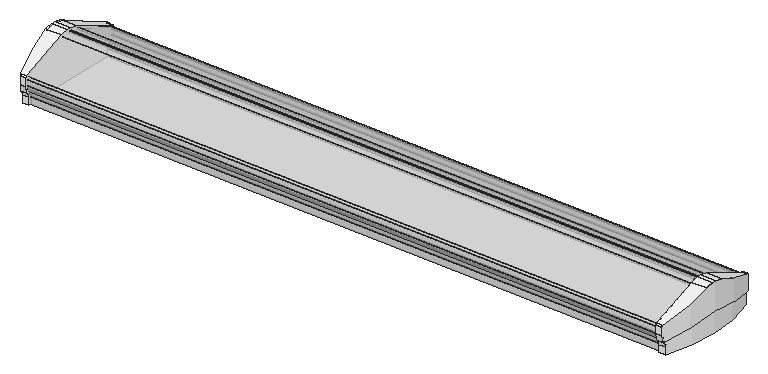
Revit family "44901", category Lighting Fixtures, host Face, Revit 2018
Family settings
  Host = Face
  Round Connector Dimension = Use Diameter
  Part Type = Normal
  OmniClass Number = 23.80.70.11.17
  OmniClass Title = Specialized Lighting by Location or Use
  Cut with Voids When Loaded = No
  Light Source = Yes
  Shared = No
  Room Calculation Point = No
Parameters (values of type "0044901 DELTAWING LED40 DALI 4K EMPRO 1200")
  Width = 200.0 mm
  Weight = 3.50 kg
  Wattage = 245.263 W
  built-in parameter 1150110 = 1 (stored number, unit not read)
  Voltage Comments = "UNV (Universal Voltage; 220-240 Volt)"  # constant formula
  Voltage = 230 V  # constant formula
  URL = "0.95"
  built-in parameter 1114217 = 1 (stored number, unit not read)
  Tilt Angle = -90.00°
  built-in parameter 1150109 = 1 (stored number, unit not read)
  built-in parameter 1150134 = (empty or 0)
  Ta Rating = "-10°C  to +25°C"  # constant formula
  built-in parameter 1150113 = 1 (stored number, unit not read)
  Product Page URL = "http://www.sylvania-lighting.com/product/en-int/products/0044898"
  Product Family = "DELTAWING LED - ELECTRONIC"  # constant formula
  Photometry Comments = ""
  Photometric Web File = "0044901.ies"
  Life = "50 000h"  # constant formula
  Length = 1218.0 mm
  LOR = "1"
  Keynote = "n/a"
  Inrush Current (max. quantity per 16A C breaker) = "20"  # constant formula
  IP Rating = "IP44"  # constant formula
  IK Rating = "IK08"  # constant formula
  Height = 85.0 mm
  Glow Wire Test = 850 °C  # constant formula
  Glare Control = "UGR<23"  # constant formula
  Emit from Line Length = Length - 2.0 mm * 29  # 1160.0 mm
  Electrical Protection = "Class I"  # constant formula
  Drive Current = "250mA"  # constant formula
  built-in parameter 1114216 [instance] = 1 (stored number, unit not read)
  Cap Material = Plastic_Sylvania_DeltaWing_White
  Model = "DELTAWING LED40 DALI 4K EMPRO 1200"
  Manufacturer = ""
  built-in parameter 1150105 = 2007.9 (stored number, unit not read)
  Lumens = 25232.6 lm
  built-in parameter 1150115 = 1 (stored number, unit not read)
  built-in parameter 1150137 = (empty or 0)
  built-in parameter 1150139 = (empty or 0)
  built-in parameter 1150112 = 1 (stored number, unit not read)
  built-in parameter 1150114 = 1 (stored number, unit not read)
  Lamp = "\tIntegrated LED"  # constant formula
  built-in parameter 1150132 = 2
  built-in parameter 1150102 = (empty or 0)
  built-in parameter 1150107 = 3000 (stored number, unit not read)
  built-in parameter 1150138 = (empty or 0)
  built-in parameter 1150106 = 20.079 (stored number, unit not read)
  CRI (Ra) = "> 80"  # constant formula
  Body Material = Steel_Sylvania_DeltaWing_White
  built-in parameter 1150104 = 9.5579 (stored number, unit not read)
  Dimming Lamp Color Temperature Shift = <None>
  Diffuser Material = Polycarbonate_Sylvania_DeltaWing_Opal_3000K
  Description = "Low profile surface and suspended LED diffuser luminaire DeltaWing LED is perfect to fulfil a wide range of applications, including educational environments, medical buildings, storage facilities and circulation areas including stairwells High performance: delivers up to 7,260lm (luminaire lumen output on 4,000K version), and up to 102lm/W (total system efficiency) Available in neutral white (4,000K) and warm white (3,000K) Smooth Polycarbonate extruded diffuser provides high efficiency, while minimising glare Precision prisms designed to optimise light output and reduce glare Options of non-dimmable, DALI, 3 hour maintained Emergency and Integrated Microwave sensor as standard Integrated Microwave sensor mounted discretely behind the diffuser helps further reduce energy and maintenance bills Suitable for suspended mounting using wire suspension kit (to be ordered seperately) BESA box connection possibility standard on product Long lifetime: 50,000 hours life at 70% of the original output L70 Energy class: A++, A+, A"  # constant formula
  Default Elevation = 0.0 mm
  Color Filter = 16777215
  Catalog Number = "0044898 DELTAWING LED69 DALI MW 3K 1200"
  built-in parameter 1140040 [instance] = 1
  built-in parameter 1114218 = 1 (stored number, unit not read)
  built-in parameter 1150133 = 10 (stored number, unit not read)
  Assembly Code = "D5020200"
  Apparent Load = 39 VA
Reference planes
  plane 1 "Center (Front/Back)": y = 0
  plane 2 "Fixture Top": z = 0
  plane 3 "Center (Left/Right)": x = 0
  plane 4 "Fixture Left": x = -609
  plane 5 "Fixture Right": x = 609
  plane 6 "Fixture Back": y = 100
  plane 7 "Fixture Front": y = -100
  plane 8 "Cap left": x = -580
  plane 9 "Cap Right": x = 580
  plane 10 "Lamp Plane": z = 22
  plane 11 "Fixture Bottom": z = 85
  plane 12: y = 20
  plane 13: y = -20
Forms (mm)
  Extrusion 1, solid, material "Steel_Sylvania_DeltaWing_White" <- "Body Material", detail levels fine
    sketch origin (0, 0, 0) x (0, 1, 0) y (0, 0, 1)
      loop
        line (-88.5, 0) -> (88.5, 0) -> (88.5, 13.239) -> (90.848, 22) -> (88.777, 22) -> (86.5, 13.502) -> (86.5, 2) -> (-86.5, 2) -> (-86.5, 13.502) -> (-88.777, 22) -> (-90.848, 22) -> (-88.5, 13.239) -> (-88.5, 0)
    from -580 to 580
  Extrusion 2, solid, material "Polycarbonate_Sylvania_DeltaWing_Opal_3000K" <- "Diffuser Material", detail levels fine
    sketch origin (0, 0, 0) x (0, 1, 0) y (0, 0, 1)
      loop
        line (96, 33.502) -> (94.018, 26.104) -> (92.041, 26.455) -> (88.5, 13.239) -> (88.5, 0) -> (90.5, 0) -> (90.5, 12.975) -> (93.498, 24.165) -> (95.475, 23.815) -> (98, 33.238) -> (98, 44.42)
        arc (98, 44.42) -> (97.319, 46.653) -> (95.506, 48.125) r 4
        line (95.506, 48.125) -> (16.971, 80.055)
        arc (16.971, 80.055) -> (9.581, 82.257) -> (1.906, 83) r 40
        line (1.906, 83) -> (-1.906, 83)
        arc (-1.906, 83) -> (-9.581, 82.257) -> (-16.971, 80.055) r 40
        line (-16.971, 80.055) -> (-95.506, 48.125)
        arc (-95.506, 48.125) -> (-97.319, 46.653) -> (-98, 44.42) r 4
        line (-98, 44.42) -> (-98, 33.238) -> (-95.475, 23.815) -> (-93.498, 24.165) -> (-90.5, 12.975) -> (-90.5, 0) -> (-88.5, 0) -> (-88.5, 13.239) -> (-92.041, 26.455) -> (-94.018, 26.104) -> (-96, 33.502) -> (-96, 43.074)
        arc (-96, 43.074) -> (-95.319, 45.307) -> (-93.506, 46.779) r 4
        line (-93.506, 46.779) -> (-15.978, 78.299)
        arc (-15.978, 78.299) -> (-9.922, 80.17) -> (-3.638, 81) r 37.685
        line (-3.638, 81) -> (3.638, 81)
        arc (3.638, 81) -> (9.922, 80.17) -> (15.978, 78.299) r 37.685
        line (15.978, 78.299) -> (93.506, 46.779)
        arc (93.506, 46.779) -> (95.319, 45.307) -> (96, 43.074) r 4
        line (96, 43.074) -> (96, 33.502)
    from -580 to 580
  Extrusion 3, solid, material "Steel_Sylvania_DeltaWing_White" <- "Body Material", detail levels coarse+medium
    sketch origin (0, 0, 0) x (0, 1, 0) y (0, 0, 1)
      loop
        line (-16.971, 80.055) -> (-95.506, 48.125)
        arc (-95.506, 48.125) -> (-97.319, 46.653) -> (-98, 44.42) r 4
        line (-98, 44.42) -> (-98, 33.238) -> (-95.475, 23.815) -> (-93.498, 24.165) -> (-90.5, 12.975) -> (-90.5, 0) -> (90.5, 0) -> (90.5, 12.975) -> (93.498, 24.165) -> (95.475, 23.815) -> (98, 33.238) -> (98, 44.42)
        arc (98, 44.42) -> (97.319, 46.653) -> (95.506, 48.125) r 4
        line (95.506, 48.125) -> (16.971, 80.055)
        arc (16.971, 80.055) -> (9.581, 82.257) -> (1.906, 83) r 40
        line (1.906, 83) -> (-1.906, 83)
        arc (-1.906, 83) -> (-9.581, 82.257) -> (-16.971, 80.055) r 40
    from -580 to 580
Dimensions and locks
  equal spacing: plane 4 "Fixture Left", plane 3 "Center (Left/Right)", plane 5 "Fixture Right"
  "Length": plane 4 "Fixture Left" to plane 5 "Fixture Right"
  locked: plane 4 "Fixture Left" to plane 8 "Cap left" at 29
  locked: plane 9 "Cap Right" to plane 5 "Fixture Right" at 29
  "Height": plane 11 "Fixture Bottom" to plane 2 "Fixture Top"
  equal spacing: plane 6 "Fixture Back", plane 1 "Center (Front/Back)", plane 7 "Fixture Front"
  "Width": plane 6 "Fixture Back" to plane 7 "Fixture Front"
  equal spacing: plane 12, plane 1 "Center (Front/Back)", plane 13
  locked: Extrusion 1 sketch curve to Extrusion 1 sketch curve at 2
  locked: plane 10 "Lamp Plane" to Extrusion 1 sketch curve at 8.498  (x2)
  aligned and locked: level to host face
  aligned and locked: nested 1 to plane 1 "Center (Front/Back)"
  aligned and locked: nested 1 to plane 5 "Fixture Right"
  aligned and locked: nested 2 to plane 4 "Fixture Left"
  aligned and locked: plane 2 "Fixture Top" to Extrusion 1 sketch curve
  aligned and locked: Extrusion 1 to plane 8 "Cap left"
  aligned and locked: plane 9 "Cap Right" to Extrusion 1
  aligned and locked: Extrusion 2 to plane 8 "Cap left"
  aligned and locked: plane 9 "Cap Right" to Extrusion 2
  aligned and locked: Extrusion 3 sketch curve to Extrusion 2  (x2)
  aligned and locked: Extrusion 3 to plane 8 "Cap left"
  aligned and locked: plane 9 "Cap Right" to Extrusion 3
  aligned and locked: plane 2 "Fixture Top" to nested 2
  aligned and locked: nested 1 to plane 2 "Fixture Top"
  aligned and locked: plane 10 "Lamp Plane" to Extrusion 1 sketch curve  (x2)
  aligned and locked: Extrusion 3 sketch curve to plane 2 "Fixture Top"
  aligned and locked: plane 2 "Fixture Top" to Extrusion 2 sketch curve
  aligned and locked: Extrusion 2 sketch curve to plane 2 "Fixture Top"
  aligned and locked: imposter light to plane 1 "Center (Front/Back)"
  aligned and locked: plane 3 "Center (Left/Right)" to imposter light
  aligned and locked: plane 11 "Fixture Bottom" to imposter light
Automatic sketch dimensions
  host sketch curve to host sketch curve = 1713.741 mm
  host sketch curve to host sketch curve = 1283.632 mm
  plane 7 "Fixture Front" to Extrusion 2 sketch curve = 2.0 mm
  Extrusion 2 sketch curve to plane 10 "Lamp Plane" = 9.025 mm  (x2)
  Extrusion 2 sketch curve to Extrusion 2 sketch curve = 2.0 mm  (x8)
  Extrusion 2 sketch curve to Extrusion 2 sketch curve = 2.494 mm
  plane 10 "Lamp Plane" to Extrusion 2 sketch curve = 1.815 mm  (x2)
  plane 7 "Fixture Front" to Extrusion 2 sketch curve = 4.525 mm
  Extrusion 2 sketch curve to Extrusion 2 sketch curve = 1.457 mm  (x2)
  plane 10 "Lamp Plane" to Extrusion 2 sketch curve = 2.165 mm  (x2)
  Extrusion 2 sketch curve to Extrusion 2 sketch curve = 0.52 mm
  Extrusion 2 sketch curve to Extrusion 2 sketch curve = 1.977 mm  (x3)
  plane 7 "Fixture Front" to Extrusion 2 sketch curve = 9.5 mm
  plane 13 to Extrusion 2 sketch curve = 3.029 mm
  Extrusion 2 sketch curve to Extrusion 2 sketch curve = 0.993 mm  (x2)
  plane 1 "Center (Front/Back)" to Extrusion 2 sketch curve = 3.638 mm
  plane 1 "Center (Front/Back)" to Extrusion 2 sketch curve = 1.906 mm
  Extrusion 2 sketch curve to plane 1 "Center (Front/Back)" = 1.906 mm
  Extrusion 2 sketch curve to Extrusion 2 sketch curve = 1.732 mm
  plane 12 to Extrusion 2 sketch curve = 4.022 mm
  Extrusion 2 sketch curve to plane 6 "Fixture Back" = 11.5 mm
  Extrusion 2 sketch curve to plane 6 "Fixture Back" = 7.959 mm
  Extrusion 2 sketch curve to plane 6 "Fixture Back" = 6.494 mm
  Extrusion 2 sketch curve to plane 6 "Fixture Back" = 4.0 mm
  Extrusion 2 sketch curve to plane 6 "Fixture Back" = 2.0 mm
  Extrusion 2 sketch curve to Extrusion 2 sketch curve = 0.041 mm  (x2)
  Extrusion 2 sketch curve to Extrusion 2 sketch curve = 1.506 mm
  Extrusion 2 sketch curve to Extrusion 2 sketch curve = 0.494 mm
  Extrusion 2 sketch curve to Extrusion 2 sketch curve = 0.263 mm  (x4)
  Extrusion 2 sketch curve to Extrusion 2 sketch curve = 1.939 mm  (x2)
  Extrusion 2 sketch curve to Extrusion 2 sketch curve = 0.351 mm  (x2)
  Extrusion 2 sketch curve to Extrusion 2 sketch curve = 7.134 mm  (x2)
  Extrusion 2 sketch curve to Extrusion 2 sketch curve = 9.572 mm  (x2)
  Extrusion 2 sketch curve to Extrusion 2 sketch curve = 1.346 mm  (x2)
  Extrusion 2 sketch curve to plane 11 "Fixture Bottom" = 6.701 mm
  Extrusion 2 sketch curve to Extrusion 2 sketch curve = 0.0 mm
  Extrusion 2 sketch curve to Extrusion 2 sketch curve = 1.755 mm  (x2)
  Extrusion 2 sketch curve to Extrusion 2 sketch curve = 2.701 mm
  Extrusion 1 sketch curve to Extrusion 1 sketch curve = 2.0 mm  (x2)
  Extrusion 1 sketch curve to Extrusion 1 sketch curve = 0.263 mm  (x2)
  Extrusion 1 sketch curve to Extrusion 1 sketch curve = 2.071 mm  (x2)
  plane 7 "Fixture Front" to Extrusion 1 sketch curve = 9.152 mm
  plane 13 to Extrusion 3 sketch curve = 3.029 mm
  Extrusion 3 sketch curve to Extrusion 3 sketch curve = 1.506 mm  (x2)
  Extrusion 3 sketch curve to Extrusion 3 sketch curve = 11.181 mm  (x2)
  plane 10 "Lamp Plane" to Extrusion 3 sketch curve = 1.815 mm  (x2)
  plane 7 "Fixture Front" to Extrusion 3 sketch curve = 4.525 mm
  plane 10 "Lamp Plane" to Extrusion 3 sketch curve = 2.165 mm  (x2)
  Extrusion 3 sketch curve to Extrusion 3 sketch curve = 1.977 mm  (x2)
  plane 7 "Fixture Front" to Extrusion 3 sketch curve = 9.5 mm
  Extrusion 3 sketch curve to plane 10 "Lamp Plane" = 9.025 mm  (x2)
  plane 1 "Center (Front/Back)" to Extrusion 3 sketch curve = 1.906 mm
  plane 10 "Lamp Plane" to Extrusion 3 sketch curve = 21.0 mm
  plane 12 to Extrusion 3 sketch curve = 3.029 mm
  Extrusion 3 sketch curve to plane 1 "Center (Front/Back)" = 1.906 mm
  Extrusion 3 sketch curve to plane 6 "Fixture Back" = 4.494 mm
  Extrusion 3 sketch curve to Extrusion 3 sketch curve = 0.0 mm
  plane 10 "Lamp Plane" to Extrusion 3 sketch curve = 26.125 mm
  Extrusion 3 sketch curve to plane 6 "Fixture Back" = 2.0 mm
  Extrusion 3 sketch curve to plane 6 "Fixture Back" = 4.525 mm
  Extrusion 3 sketch curve to plane 6 "Fixture Back" = 9.5 mm
  Extrusion 1 sketch curve to plane 6 "Fixture Back" = 11.223 mm
  plane 7 "Fixture Front" to Extrusion 1 sketch curve = 11.5 mm
  Extrusion 1 sketch curve to plane 6 "Fixture Back" = 13.5 mm
Nested families
  nested 1: "Cap" at (580, 0, 0) x (0, 1, 0) z (0, 0, 1), type "Type"
  nested 2: "Cap" at (-580, 0, 0) x (0, 1, 0) z (0, 0, 1), type "Type"
Connectors
  electrical at (0, 0, 0), driven by "Voltage", driven by "Apparent Load"
    settings: on Extrusion 1, index 1, voltage 230 V, apparent load 0 VA, apparent load phase1 39 VA, apparent load phase2 0 VA, apparent load phase3 0 VA, power factor 1, load classification "Lighting", number of poles 1, system type 31, power factor state 1, is connector primary yes, connector utility no, sub classification motor no, connector description ""
Definition of nested family "Cap"
  Parameters
    Height = 85.0 mm
    Width = 200.0 mm
    Default Elevation = 0.0 mm
    Cap Material = none
  Reference planes
    plane 1 "Center (Front/Back)": y = 0
    plane 2: z = 0
    plane 3 "Center (Left/Right)": x = 0
    plane 4: x = 100
    plane 5: x = -100
    plane 6: y = -29
    plane 7: y = -10
    plane 8: z = 85
    plane 9: z = 17
    plane 10: z = 22
    plane 11: z = 37
  Forms (mm)
    Extrusion 1, solid, material <- "Cap Material"
      sketch origin (0, 0, 0) x (1, 0, 0) y (0, 1, 0)
        loop
          line (-100, 0) -> (-100, -10)
          arc (-100, -10) -> (0, -28.818) -> (100, -10) r 275.114
          line (100, -10) -> (100, 0) -> (-100, 0)
      from 0 to 85
    Extrusion 2, void
      sketch origin (0, 0, 0) x (1, 0, 0) y (0, 0, 1)
        loop
          line (-92.5, 0) -> (-92.5, 12.712) -> (-94.955, 21.876) -> (-96.887, 21.358) -> (-101.913, 40.115)
          arc (-101.913, 40.115) -> (-101.345, 45.755) -> (-97.183, 49.603) r 8
          line (-97.183, 49.603) -> (-17.481, 82.006)
          arc (-17.481, 82.006) -> (-8.901, 84.444) -> (0, 85) r 41.685
          arc (0, 85) -> (8.901, 84.444) -> (17.481, 82.006) r 41.685
          line (17.481, 82.006) -> (97.183, 49.603)
          arc (97.183, 49.603) -> (101.345, 45.755) -> (101.913, 40.115) r 8
          line (101.913, 40.115) -> (96.887, 21.358) -> (94.955, 21.876) -> (92.5, 12.712) -> (92.5, 0) -> (117.5, 0) -> (117.5, 106.013) -> (-117.5, 106.013) -> (-117.5, 0) -> (-92.5, 0)
      from 0 to 250
    Extrusion 3, void
      sketch origin (0, 0, 0) x (1, 0, 0) y (0, 0, 1)
        loop
          line (-94.955, 21.876) -> (-100, 20.524) -> (-100, 0) -> (100, 0) -> (100, 20.524) -> (94.955, 21.876) -> (10.419, 36.87)
          arc (10.419, 36.87) -> (0, 37.781) -> (-10.419, 36.87) r 60
          line (-10.419, 36.87) -> (-94.955, 21.876)
      from -68.585 to 250
    Extrusion 4, solid, material <- "Cap Material"
      sketch origin (0, 0, 0) x (1, 0, 0) y (0, 1, 0)
        loop
          line (-100, 0) -> (-100, -9.525)
          arc (-100, -9.525) -> (0.169, -27.445) -> (100, -7.727) r 275.114
          line (100, -7.727) -> (100, 0) -> (-100, 0)
      from 0 to 85
    Extrusion 5, void
      sketch origin (0, 0, 0) x (1, 0, 0) y (0, 0, 1)
        loop
          line (-92.5, 0) -> (-92.5, 12.712) -> (-94.955, 21.876) -> (-96.887, 21.358) -> (-101.913, 40.115)
          arc (-101.913, 40.115) -> (-101.345, 45.755) -> (-97.183, 49.603) r 8
          line (-97.183, 49.603) -> (-17.481, 82.006)
          arc (-17.481, 82.006) -> (-8.901, 84.444) -> (0, 85) r 41.685
          arc (0, 85) -> (8.901, 84.444) -> (17.481, 82.006) r 41.685
          line (17.481, 82.006) -> (97.183, 49.603)
          arc (97.183, 49.603) -> (101.345, 45.755) -> (101.913, 40.115) r 8
          line (101.913, 40.115) -> (96.887, 21.358) -> (94.955, 21.876) -> (92.5, 12.712) -> (92.5, 0) -> (117.5, 0) -> (117.5, 106.013) -> (-117.5, 106.013) -> (-117.5, 0) -> (-92.5, 0)
      from 0 to 250
  Cuts and joins
    Extrusion 2, Extrusion 3, Extrusion 5 cuts Extrusion 1
    Extrusion 5 cuts Extrusion 4
    joined: Extrusion 1, Extrusion 4
  Dimensions and locks
    equal spacing: plane 5, plane 3 "Center (Left/Right)", plane 4
    "Width": plane 5 to plane 4
    locked: plane 1 "Center (Front/Back)" to plane 6 at 29
    plane 1 "Center (Front/Back)" to plane 7 = 10.0 mm
    "Height": plane 8 to level
    plane 9 to plane 2 = 17.0 mm
    plane 10 to plane 9 = 5.0 mm
    Extrusion 2 sketch curve to plane 5 = 7.5 mm
    aligned and locked: level to plane 2
    aligned and locked: plane 1 "Center (Front/Back)" to Extrusion 1 sketch curve
    aligned and locked: Extrusion 1 sketch curve to plane 5
    aligned and locked: Extrusion 1 sketch curve to plane 4
    aligned and locked: plane 7 to Extrusion 1 sketch curve  (x2)
    aligned and locked: Extrusion 1 to plane 2
    aligned and locked: plane 8 to Extrusion 1
  Automatic sketch dimensions
    Extrusion 1 sketch curve to plane 1 "Center (Front/Back)" = 246.296 mm
    Extrusion 2 sketch curve to plane 5 = 17.5 mm
    Extrusion 2 sketch curve to plane 9 = 4.288 mm
    Extrusion 2 sketch curve to plane 3 "Center (Left/Right)" = 0.0 mm
    Extrusion 2 sketch curve to plane 8 = 0.0 mm
    Extrusion 2 sketch curve to plane 5 = 1.913 mm
    plane 5 to Extrusion 2 sketch curve = 2.817 mm
    plane 10 to Extrusion 2 sketch curve = 0.642 mm  (x2)
    plane 5 to Extrusion 2 sketch curve = 3.113 mm
    plane 10 to Extrusion 2 sketch curve = 0.124 mm  (x2)
    Extrusion 2 sketch curve to plane 8 = 2.994 mm  (x2)
    Extrusion 2 sketch curve to plane 3 "Center (Left/Right)" = 17.481 mm
    plane 3 "Center (Left/Right)" to Extrusion 2 sketch curve = 17.481 mm
    Extrusion 2 sketch curve to plane 4 = 7.5 mm
    Extrusion 2 sketch curve to plane 4 = 5.045 mm
    Extrusion 2 sketch curve to Extrusion 2 sketch curve = 1.932 mm
    Extrusion 2 sketch curve to plane 4 = 2.817 mm
    plane 4 to Extrusion 2 sketch curve = 1.913 mm
    plane 4 to Extrusion 2 sketch curve = 17.5 mm
    plane 5 to Extrusion 2 sketch curve = 5.814 mm
    Extrusion 2 sketch curve to plane 3 "Center (Left/Right)" = 1.865 mm
    plane 3 "Center (Left/Right)" to Extrusion 2 sketch curve = 1.865 mm
    Extrusion 2 sketch curve to plane 4 = 5.814 mm
    Extrusion 2 sketch curve to Extrusion 2 sketch curve = 9.488 mm  (x2)
    plane 8 to Extrusion 2 sketch curve = 21.013 mm
    Extrusion 2 sketch curve to level = 0.0 mm  (x2)
    Extrusion 3 sketch curve to plane 3 "Center (Left/Right)" = 0.0 mm
    plane 10 to Extrusion 3 sketch curve = 0.124 mm  (x2)
    Extrusion 3 sketch curve to plane 3 "Center (Left/Right)" = 10.419 mm
    plane 3 "Center (Left/Right)" to Extrusion 3 sketch curve = 10.419 mm
    plane 11 to Extrusion 3 sketch curve = 0.13 mm
    plane 10 to Extrusion 3 sketch curve = 1.476 mm  (x2)
    Extrusion 3 sketch curve to level = 0.0 mm
    Extrusion 3 sketch curve to plane 5 = 0.0 mm
    Extrusion 3 sketch curve to Extrusion 3 sketch curve = 22.219 mm
    plane 5 to Extrusion 3 sketch curve = 5.045 mm
    Extrusion 3 sketch curve to plane 4 = 5.045 mm
    plane 4 to Extrusion 3 sketch curve = 0.0 mm
    plane 1 "Center (Front/Back)" to Extrusion 4 sketch curve = 0.0 mm
    Extrusion 4 sketch curve to plane 5 = 0.0 mm
    Extrusion 4 sketch curve to plane 4 = 0.0 mm
    plane 7 to Extrusion 4 sketch curve = 2.273 mm
    plane 7 to Extrusion 4 sketch curve = 0.475 mm
    Extrusion 4 sketch curve to plane 1 "Center (Front/Back)" = 247.658 mm
    Extrusion 5 sketch curve to level = 0.0 mm  (x2)
    Extrusion 5 sketch curve to plane 5 = 17.5 mm
    Extrusion 5 sketch curve to plane 9 = 4.288 mm  (x2)
    Extrusion 5 sketch curve to plane 3 "Center (Left/Right)" = 0.0 mm
    Extrusion 5 sketch curve to plane 8 = 0.0 mm
    Extrusion 5 sketch curve to plane 5 = 1.913 mm
    plane 5 to Extrusion 5 sketch curve = 2.817 mm
    plane 10 to Extrusion 5 sketch curve = 0.642 mm  (x2)
    plane 5 to Extrusion 5 sketch curve = 3.113 mm
    plane 10 to Extrusion 5 sketch curve = 0.124 mm  (x2)
    Extrusion 5 sketch curve to Extrusion 5 sketch curve = 1.932 mm
    Extrusion 5 sketch curve to plane 8 = 2.994 mm  (x2)
    Extrusion 5 sketch curve to plane 3 "Center (Left/Right)" = 17.481 mm
    plane 3 "Center (Left/Right)" to Extrusion 5 sketch curve = 17.481 mm
    Extrusion 5 sketch curve to plane 4 = 7.5 mm
    Extrusion 5 sketch curve to plane 4 = 5.045 mm
    Extrusion 5 sketch curve to plane 4 = 2.817 mm
    plane 4 to Extrusion 5 sketch curve = 1.913 mm
    plane 4 to Extrusion 5 sketch curve = 17.5 mm
    plane 5 to Extrusion 5 sketch curve = 5.814 mm
    Extrusion 5 sketch curve to plane 3 "Center (Left/Right)" = 1.865 mm
    plane 3 "Center (Left/Right)" to Extrusion 5 sketch curve = 1.865 mm
    Extrusion 5 sketch curve to plane 4 = 5.814 mm
    Extrusion 5 sketch curve to Extrusion 5 sketch curve = 9.488 mm  (x2)
    plane 8 to Extrusion 5 sketch curve = 21.013 mm
